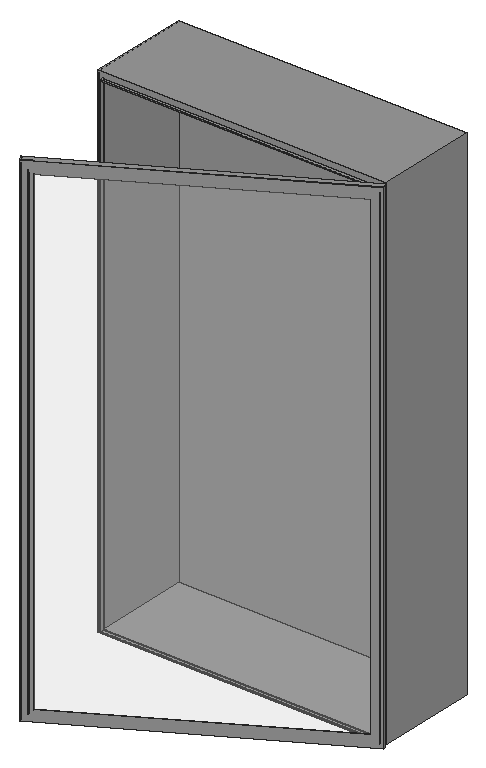
Revit family "Hager-Orion_Inox-IP66-D300-Cl.I-Inox_encl-630A-1400mm-NoHosted-CH-fr", category Equipement électrique, Revit 2020
Family settings
  Configuration du panneau = Deux colonnes, circuits au sein
  Cote de connecteur circulaire = Utiliser le diamètre
  Type d'élément = Tableau de raccordement
  Basée sur le plan de construction = Oui
  Toujours verticalement = Oui
  Couper avec des vides une fois chargée = Non
  Partagée = Non
  Point de calcul de pièce = Non
Parameters (values of type "saillie IP66 L800 H1400 P300  - FL049TWL")
  Width Control [instance] = if([EF000008 - largeur] > Min Width, [EF000008 - largeur], Min Width)  # 800 mm
  Commentaires du type = [HG000003 - Gamme]  # "Orion Inox"
  Thickness Door [instance] = if([EF009171 - épaisseur de matériau de la porte/du couvercle] > 3 mm, 3 mm, [EF009171 - épaisseur de matériau de la porte/du couvercle])  # 1.5 mm
  Seal Frame Offset [instance] = 17 mm  # constant formula
  Min Width [instance] = 100 mm  # constant formula
  Min Depth [instance] = (2 * [EF009170 - épaisseur de matériau du boîtier]) + 1 mm  # 4 mm
  Min Height [instance] = 100 mm  # constant formula
  Internal Frame Depth [instance] = -(Door System Depth * 0.5)  # -9 mm
  Panel Name [instance] = ""  # (empty or 0)
  Model = ""
  HG000027 - Hauteur du socle = 0 mm
  HG000026 - Installation au sol = no
  HG000024 - Hauteur de la section basse = 600 mm
  HG000023 - Armoire double section = no
  HG000016 - Visibilité de la porte 3D [instance] = yes
  HG000015 - Visibilité de l'emprise de la porte [instance] = no
  HG000014 - Porte à droite [instance] = yes
  HG000013 - Porte à gauche [instance] = not([HG000014 - Porte à droite])  # no
  HG000012 - Angle de pivotement de la porte [instance] = 30.00°
  HG000010 - Portes asymétriques = no
  HG000009 - Porte à double battant = no
  HG000006 - Encastré = no
  HG000004 - Référence fabricant = "FL049TWL"
  HG000003 - Gamme = "Orion Inox"
  HG000002 - avec porte = yes
  Frame Offset Bottom [instance] = 10 mm  # constant formula
  Frame Offset [instance] = 15 mm  # constant formula
  EF015940 - couvercle avec décharge de pression = no
  EF011959 - degré de protection (NEMA) = ""
  EF009554 - nombre d'ouvertures pour plaques à bride = 0
  EF009212 - finition du couvercle = "EV000116 - fermé"
  EF009171 - épaisseur de matériau de la porte/du couvercle = 1.5 mm
  EF009170 - épaisseur de matériau du boîtier = 1.5 mm
  EF008873 - courant nominal (In) = 630 A
  EF007800 - adapté à un parafoudre = no
  EF006306 - avec serrure = yes
  EF006244 - couvercle/porte transparent(e) = yes
  EF005474 - indice de protection (IP) = "EV006422 - IP66"
  EF004464 - type de porte = "EV002646 - unique"
  EF004427 - nombre de modules = 0
  EF004293 - indice de protection contre les chocs (IK) = "EV006814 - IK08"
  EF003532 - convient pour utilisation à l’extérieur = yes
  EF002950 - largeur en nombre de modules = 0
  EF001613 - maintien de fonction = "EV000494 - sans"
  EF001596 - matériau du boîtier/corps = "EV000166 - acier inoxydable"
  EF001131 - profondeur intérieure = 266 mm
  EF001088 - possibilité de montage en saillie = yes
  EF000437 - nombre d'entrées de conduit = 0
  EF000339 - type de capot = "EV004216 - porte"
  EF000266 - nombre de rangées = 0
  EF000218 - profondeur d'encastrement = 0 mm
  EF000118 - avec cadre/support de montage = no
  EF000116 - numéro RAL = ""
  EF000049 - profondeur = 300 mm
  EF000040 - hauteur = 1400 mm
  EF000008 - largeur = 800 mm
  EF000007 - couleur = "EV000154 - autre"
  EF000003 - mode de pose = "EV000384 - saillie"
  Door System Leaf Tolerance [instance] = 1.5 mm  # constant formula
  Door System Depth [instance] = 18 mm  # constant formula
  Description = ""
  Default Elevation = 1219.2 mm
  Connector Offset [instance] = Height Control / 2  # 700 mm
  Fabricant = "Hager"  # constant formula
  Height Control [instance] = if([EF000040 - hauteur] > Min Height, [EF000040 - hauteur], Min Height)  # 1400 mm
  Depth Control [instance] = if([EF000049 - profondeur] > Min Depth, [EF000049 - profondeur], Min Depth)  # 300 mm
Types (4, lengths in mm): name | HG000004 - Référence fabricant | EF006244 - couvercle/porte transparent(e) | EF004293 - indice de protection contre les chocs (IK)
  saillie IP66 L800 H1400 P300  - FL049BW | "FL049BW" | no | "EV008784 - IK10"
  saillie IP66 L800 H1400 P300  - FL049BWL | "FL049BWL" | no | "EV008784 - IK10"
  saillie IP66 L800 H1400 P300  - FL049TW | "FL049TW" | yes | "EV006814 - IK08"
  saillie IP66 L800 H1400 P300  - FL049TWL | "FL049TWL" | yes | "EV006814 - IK08"
Reference planes
  plane 1 "Center (Front/Back)": y = 0
  plane 2: z = 0
  plane 3 "Center (Left/Right)": x = 0
  plane 4: y = 0
  plane 5: y = 0
  plane 6: z = 0
  plane 7: x = -400
  plane 8: x = 400
  plane 9: x = 398.5
  plane 10: x = -398.5
  plane 11: z = 0
  plane 12: z = 1.5
  plane 13: y = -300
  plane 14: y = -1.5
  plane 15: x = 0
  plane 16: y = -282
  plane 17: y = -298.5
  plane 18: y = -280.5
  plane 19: x = -383.5
  plane 20: x = 383.5
  plane 21: z = 11.5
  plane 22: x = -383
  plane 23: x = 383
  plane 24: z = 0
  plane 25: z = 1400
  plane 26: z = 1400
  plane 27: z = 1383.5
  plane 28: z = 1398.5
Forms (mm)
  Extrusion 1, solid, material "Hager_Stainless_Steel", detail levels medium+fine
    sketch origin (-208.679, -4572, 0) x (-1, 0, 0) y (0, -1, 0)
      loop
        line (191.321, -4290) -> (-608.679, -4290) -> (-608.679, -4572) -> (191.321, -4572) -> (191.321, -4290)
    from 0 to 1400
  Extrusion 2, void
    sketch origin (-350.771, -300, 1219.2) x (1, 0, 0) y (0, 0, 1)
      loop
        line (-47.729, 179.3) -> (-47.729, -1217.7) -> (749.271, -1217.7) -> (749.271, 179.3) -> (-47.729, 179.3)
    from -19.5 to -298.5
  Extrusion 3, void
    sketch origin (-290.084, -282, 1219.2) x (1, 0, 0) y (0, 0, 1)
      loop
        line (-93.416, -1207.7) -> (673.584, -1207.7) -> (673.584, 164.3) -> (-93.416, 164.3) -> (-93.416, -1207.7)
    from 0 to -1.5
  Extrusion 4, solid, material "Hager_Stainless_Steel", detail levels fine
    sketch origin (-290.084, -282, 1219.2) x (-1, 0, 0) y (0, 0, 1)
      loop
        line (-673.584, -1207.7) -> (93.416, -1207.7) -> (93.416, 164.3) -> (-673.584, 164.3) -> (-673.584, -1207.7)
      loop
        line (-675.084, -1209.2) -> (94.916, -1209.2) -> (94.916, 165.8) -> (-675.084, 165.8) -> (-675.084, -1209.2)
    from 0 to -9 <- "Internal Frame Depth"
  Extrusion 5, solid, material "Hager_Stainless_Steel", detail levels coarse
    sketch origin (0, 0, 0) x (1, 0, 0) y (0, 1, 0)
      loop
        line (-400, 0) -> (-400, -300) -> (400, -300) -> (400, 0) -> (-400, 0)
    from 0 to 1400 <- "Height Control"
Cuts and joins
  Extrusion 2, Extrusion 3 cuts Extrusion 1
Lines and regions (mm)
  Masking region 1
    outline origin (0, 0, 0) x (1, 0, 0) y (0, 1, 0)
      loop
        line (-400, 0) -> (-400, -300) -> (400, -300) -> (400, 0) -> (-400, 0)
  Masking region 2
    outline origin (-290.084, -282, 1219.2) x (-1, 0, 0) y (0, 0, 1)
      loop
        line (-690.084, -1219.2) -> (109.916, -1219.2) -> (109.916, 180.8) -> (-690.084, 180.8) -> (-690.084, -1219.2)
  Masking region 3, detail levels coarse
    outline origin (0, 0, 0) x (0, 1, 0) y (0, 0, 1)
      loop
        line (0, 0) -> (0, 1400) -> (-300, 1400) -> (-300, 0) -> (0, 0)
  Masking region 4, detail levels medium+fine
    outline origin (0, 0, 594.038) x (0, 1, 0) y (0, 0, 1)
      loop
        line (0, -594.038) -> (0, 805.962) -> (-282, 805.962) -> (-282, -594.038) -> (0, -594.038)
Dimensions and locks
  locked: plane 1 "Center (Front/Back)" to plane 5
  "EF009170 - épaisseur de matériau du boîtier": plane 7 to plane 10
  "EF009170 - épaisseur de matériau du boîtier": plane 8 to plane 9
  equal spacing: plane 7, plane 3 "Center (Left/Right)", plane 8
  "Width Control": plane 7 to plane 8
  "Depth Control": plane 4 to plane 13
  "EF009170 - épaisseur de matériau du boîtier": plane 4 to plane 14
  "Height Control": plane 25 to level
  "EF009170 - épaisseur de matériau du boîtier": plane 12 to plane 11
  "EF009170 - épaisseur de matériau du boîtier": plane 17 to plane 13
  "EF009170 - épaisseur de matériau du boîtier": plane 18 to plane 16
  "Frame Offset Bottom": plane 21 to plane 12
  "Frame Offset": plane 10 to plane 19
  "Frame Offset": plane 9 to plane 20
  "Door System Depth": plane 16 to plane 13
  "Seal Frame Offset": plane 7 to plane 22
  "Seal Frame Offset": plane 8 to plane 23
  "EF009170 - épaisseur de matériau du boîtier": plane 26 to plane 28
  "Frame Offset": plane 28 to plane 27
  "Connector Offset": plane 2 to connector elem
  "Thickness Door": cut or joined group of Extrusion 1, Extrusion 2, Extrusion 3 to Extrusion 4 sketch curve
  "Thickness Door": Extrusion 4 sketch curve to plane 19
  "Thickness Door": Extrusion 4 sketch curve to plane 20
  "Thickness Door": Extrusion 4 sketch curve to plane 27
  aligned and locked: Extrusion 2 sketch curve to plane 12
  aligned and locked: Extrusion 2 sketch curve to plane 9
  aligned and locked: Extrusion 2 sketch curve to plane 10
  aligned and locked: Extrusion 2 to plane 14
  aligned and locked: Extrusion 1 sketch curve to plane 4
  aligned and locked: plane 8 to Extrusion 1 sketch curve
  aligned and locked: plane 7 to Extrusion 1 sketch curve
  aligned and locked: Extrusion 2 to plane 18
  aligned and locked: Extrusion 3 sketch curve to plane 19
  aligned and locked: plane 20 to Extrusion 3 sketch curve
  aligned and locked: Extrusion 3 to Extrusion 2
  aligned and locked: Extrusion 3 sketch curve to plane 21
  aligned and locked: plane 3 "Center (Left/Right)" to nested 1
  aligned and locked: Extrusion 1 sketch curve to plane 16
  aligned and locked: Masking region 1 sketch curve to plane 7
  aligned and locked: Masking region 1 sketch curve to plane 5
  aligned and locked: Masking region 1 sketch curve to plane 8
  aligned and locked: Masking region 2 sketch curve to level
  aligned and locked: level to Masking region 3 sketch curve
  aligned and locked: plane 1 "Center (Front/Back)" to Masking region 3 sketch curve
  aligned and locked: plane 13 to Masking region 3 sketch curve
  aligned and locked: Masking region 2 sketch curve to plane 8
  aligned and locked: Masking region 2 sketch curve to plane 7
  aligned and locked: plane 7 to nested 2
  aligned and locked: nested 2 to plane 5
  aligned and locked: plane 5 to Masking region 4 sketch curve
  aligned and locked: plane 26 to Masking region 4 sketch curve
  aligned and locked: Extrusion 5 sketch curve to plane 8
  aligned and locked: Extrusion 5 sketch curve to plane 7
  aligned and locked: Extrusion 5 sketch curve to plane 5
  aligned and locked: Extrusion 3 sketch curve to plane 27
  aligned and locked: Extrusion 2 sketch curve to plane 28
  aligned and locked: Extrusion 4 sketch curve to plane 27
  aligned and locked: Extrusion 4 sketch curve to plane 20
  aligned and locked: Extrusion 4 sketch curve to plane 21
  aligned and locked: Extrusion 4 sketch curve to plane 19
  aligned and locked: Masking region 2 to plane 25
  aligned and locked: Masking region 4 sketch curve to plane 24
  aligned and locked: Masking region 1 to plane 13
  aligned and locked: nested 1 to plane 16
  aligned and locked: Masking region 3 to plane 25
  aligned and locked: Masking region 4 sketch curve to plane 16
  aligned and locked: plane 24 to plane 11
  aligned and locked: plane 26 to plane 25
  aligned and locked: level to plane 24
  aligned and locked: Extrusion 1 to Masking region 3
  aligned and locked: level to nested 1
Automatic sketch dimensions
  Extrusion 5 sketch curve to plane 13 = 0 mm
  plane 27 to Masking region 2 sketch curve = 16.5 mm
  plane 27 to Masking region 3 sketch curve = 16.5 mm
  Masking region 1 sketch curve to plane 13 = 0 mm
  Extrusion 3 sketch curve to plane 21 = 0 mm
  plane 19 to Extrusion 3 sketch curve = 0 mm
  Extrusion 3 sketch curve to plane 20 = 0 mm
Nested families
  nested 1: "EC000058_OrionInox_Door" at (0, -282, 0), Double <- "HG000009 - Porte à double battant", Transparent <- "EF006244 - couvercle/porte transparent(e)", Angle <- "HG000012 - Angle de pivotement de la porte", Door_Right <- "HG000014 - Porte à droite", Assymetrical <- "HG000010 - Portes asymétriques", Door <- "HG000002 - avec porte", Width_Ctrl <- "Width Control", 3d_Door <- "HG000016 - Visibilité de la porte 3D", Clearance <- "HG000015 - Visibilité de l'emprise de la porte", Door_Left <- "HG000013 - Porte à gauche", Width <- "Width Control", Door_Depth <- "Door System Depth", Leaf_Tolerance <- "Door System Leaf Tolerance", Height <- "Height Control", Thickness <- "Thickness Door", type "EC000058_OrionInox_Door", detail levels medium+fine
    with min_wh 4 mm, Width_Ctrl 800 mm, Width 800 mm, Transparent yes, Thickness 1.5 mm, Seal_Material Hager_Rubber, Leaf_Width 800 mm, Leaf_Tolerance_External_Sides 0 mm, Leaf_Tolerance 1.5 mm, Leaf_Offset 0 mm, Leaf_Height 1397 mm, Leaf_2_Width 800 mm, Leaf_2_Offset 400 mm, Leaf_1_Width 800 mm, Leaf_1_Offset 400 mm, Height_Ctrl 1400 mm, Height 1400 mm, Glass_Material Hager_Glass, Double_Clearance_Ctrl no, Double no, Door_Right_Ctrl yes, Door_Right yes, Door_Material Hager_Stainless_Steel, Door_Left_Ctrl no, Door_Left no, Door_Depth 18 mm, Door yes, Clearance_Material Hager_Clearance, Clearance_Depth 800 mm, Clearance_Ctrl no, Clearance no, Assymetrical no, Angle 30.00°, 3d_Door yes
  nested 2: "Hager_Enclosure_Symbol" at (-400, 0, 0), Height <- "Depth Control", Width <- "Width Control", type "Hager_Enclosure_Symbol"
    with Width_Ctrl 800 mm, Width 800 mm, Height_Ctrl 300 mm, Height 300 mm, A_Width_Int 19.688 mm, A_Width 236.25 mm, A_Height_Ctrl 262.5 mm, A_Height 262.5 mm
Connectors
  electrical at (0, 0, 700)
    settings: on plane 1 "Center (Front/Back)", index 1, voltage 0 V, apparent load 0 VA, apparent load phase1 0 VA, apparent load phase2 0 VA, apparent load phase3 0 VA, power factor 1, load classification "Other", number of poles 1, system type 30, power factor state 1, is connector primary yes, connector utility no, sub classification motor no, connector description ""
Definition of nested family "EC000058_OrionInox_Door"
  Parameters (values of type "EC000058_OrionInox_Door")
    min_wh [instance] = (2 * Thickness) + 1 mm  # 11 mm
    Width_Ctrl [instance] = 400 mm
    Width [instance] = 500 mm
    Transparent [instance] = yes
    Thickness [instance] = 5 mm
    Seal_Material [instance] = none
    Leaf_Width [instance] = if((Width_Ctrl - 2 * Leaf_Tolerance_External_Sides) > 0 mm, (Width_Ctrl - 2 * Leaf_Tolerance_External_Sides), min_wh)  # 400 mm
    Leaf_Tolerance_External_Sides [instance] = 0 mm  # constant formula
    Leaf_Tolerance [instance] = 1.5 mm
    Leaf_Offset [instance] = 0 mm  # constant formula
    Leaf_Height [instance] = if((Height_Ctrl - 2 * Leaf_Tolerance) > 0 mm, (Height_Ctrl - 2 * Leaf_Tolerance), min_wh)  # 497 mm
    Leaf_2_Width [instance] = if(and(and(Double, Assymetrical), Door_Left), (Leaf_Width / 3) - (Leaf_Tolerance / 2), if(and(and(Double, Assymetrical), Door_Right), (Leaf_Width / 3) * 2 - (Leaf_Tolerance / 2), if(and(Double, not(Assymetrical)), (Leaf_Width / 2) - Leaf_Tolerance, Leaf_Width)))  # 400 mm
    Leaf_2_Offset [instance] = if(and(Double, Assymetrical), Leaf_2_Width / 2, if(and(Double, not(Assymetrical)), Leaf_Width / 4, Leaf_Width / 2))  # 200 mm
    Leaf_1_Width [instance] = if(and(and(Double, Assymetrical), Door_Right), (Leaf_Width / 3) - (Leaf_Tolerance / 2), if(and(and(Double, Assymetrical), Door_Left), (Width / 3) * 2 - (Leaf_Tolerance / 2), if(and(Double, not(Assymetrical)), (Leaf_Width / 2) - Leaf_Tolerance, Leaf_Width)))  # 400 mm
    Leaf_1_Offset [instance] = if(and(Double, Assymetrical), Leaf_1_Width / 2, if(and(Double, not(Assymetrical)), Leaf_Width / 4, Leaf_Width / 2))  # 200 mm
    Height_Ctrl [instance] = if(Height > min_wh, Height, min_wh)  # 500 mm
    Height [instance] = 500 mm
    Glass_Material [instance] = none
    Double_Clearance_Ctrl [instance] = and(Double, Clearance)  # no
    Double [instance] = no
    Door_Right_Ctrl [instance] = and(or(Door_Right, Double), Door)  # yes
    Door_Right [instance] = yes
    Door_Material [instance] = none
    Door_Left_Ctrl [instance] = and(or(Door_Left, Double), Door)  # no
    Door_Left [instance] = no
    Door_Depth [instance] = 30 mm
    Door [instance] = yes
    Default Elevation = 1219.2 mm
    Clearance_Material [instance] = none
    Clearance_Depth [instance] = if(Leaf_1_Width > Leaf_2_Width, Leaf_1_Width, Leaf_2_Width)  # 400 mm
    Clearance_Ctrl [instance] = and(not(Double), Clearance)  # yes
    Clearance [instance] = yes
    Assymetrical [instance] = yes
    Angle [instance] = 30.00°
    3d_Door [instance] = yes
  Reference planes
    plane 1 "Center (Front/Back)": y = 0
    plane 2 "Bottom": z = 0
    plane 3 "Center (Left/Right)": x = 0
    plane 4: z = 500
    plane 5: x = -200
    plane 6: x = 200
    plane 7: z = 500
    plane 8: x = -200
    plane 9: z = 0
    plane 10: x = 200
    plane 11: y = 0
    plane 12: z = 1.5
    plane 13: x = -600
    plane 14: y = -400
    plane 15: x = 600
    plane 16: x = 0
    plane 17: x = 0
    plane 18: x = -200
    plane 19: x = 200
    plane 20: z = 498.5
  Forms (mm)
    Extrusion 1, solid, material <- "Clearance_Material", visible <- "Double_Clearance_Ctrl"
      sketch origin (1200, 0, 0) x (1, 0, 0) y (0, 0, -1)
        loop
          line (-1800, -498.5) -> (-600, -498.5) -> (-600, 0) -> (-1800, 0) -> (-1800, -498.5)
      from 0 to -400
  Dimensions and locks
    equal spacing: plane 5, plane 3 "Center (Left/Right)", plane 6
    "Width_Ctrl": plane 5 to plane 6
    "Leaf_Offset": plane 5 to plane 8
    "Leaf_Offset": plane 6 to plane 10
    "Leaf_Offset": plane 9 to level
    "Leaf_Offset": plane 4 to plane 7
    "Height_Ctrl": plane 4 to level
    "Leaf_Tolerance": plane 12 to plane 9
    locked: plane 11 to plane 1 "Center (Front/Back)"
    "Leaf_1_Offset": plane 18 to plane 16
    "Leaf_2_Offset": plane 17 to plane 19
    "Leaf_1_Width": plane 13 to plane 8
    "Leaf_2_Width": plane 10 to plane 15
    "Clearance_Depth": plane 14 to plane 1 "Center (Front/Back)"
    "Leaf_Tolerance_External_Sides": plane 8 to plane 18
    "Leaf_Tolerance_External_Sides": plane 19 to plane 10
    "Leaf_Tolerance": plane 7 to plane 20
    aligned and locked: level to plane 2 "Bottom"
    aligned and locked: nested 1 to plane 16
    aligned and locked: nested 2 to plane 17
    aligned and locked: Extrusion 1 to plane 13
    aligned and locked: plane 15 to Extrusion 1
    aligned and locked: Extrusion 1 to plane 14
    aligned and locked: plane 12 to nested 1
    aligned and locked: nested 2 to plane 12
    aligned and locked: Extrusion 1 to plane 11
    aligned and locked: plane 20 to Extrusion 1
    aligned and locked: nested 2 to plane 11
    aligned and locked: nested 1 to plane 11
  Automatic sketch dimensions
    Extrusion 1 sketch curve to level = 0 mm
    plane 5 to Extrusion 1 sketch curve = 400 mm
    plane 6 to Extrusion 1 sketch curve = 400 mm
    Extrusion 1 sketch curve to plane 4 = 1.5 mm
  Nested families
    nested 1: "EC000058_OrionInox_Door_Leaf" at (0, 0, 1.5), Width <- "Leaf_1_Width", visible <- "Door_Left_Ctrl", Leaf_Height <- "Leaf_Height", Angle <- "Angle", 3d_Door <- "3d_Door", Transparent <- "Transparent", Clearance Material <- "Clearance_Material", Clearance <- "Clearance_Ctrl", Door_Material <- "Door_Material", Glass_Material <- "Glass_Material", Door_Depth <- "Door_Depth", Seal_Material <- "Seal_Material", Thickness <- "Thickness", type "EC000058_OrionInox_Door_Leaf"
      with Width 400 mm, Transparent_Ctrl yes, Transparent yes, Thickness 5 mm, Standard no, Seal_Material none, Seal_D2 8 mm, Seal_D1 1 mm, Offset_Internal_Frame 10 mm, Lock_Width 28 mm, Lock_Thickness 2 mm, Lock_Radius 6 mm, Leaf_Height 497 mm, Internal_Seal_Thickness 8 mm, Internal_Seal_Depth_2 4.5 mm, Internal_Frame_Depth 25 mm, Glass_Thickness -1 mm, Glass_Offset -2 mm, Glass_Material none, Door_Material none, Door_Depth 30 mm, Clearance Material none, Clearance yes, Angle_Ctrl 30.00°, Angle 30.00°, 3d_Door yes
    nested 2: "EC000058_OrionInox_Door_Leaf" at (0, 0, 1.5) x (-1, 0, 0) z (0, 0, 1), Width <- "Leaf_2_Width", visible <- "Door_Right_Ctrl", Leaf_Height <- "Leaf_Height", Angle <- "Angle", 3d_Door <- "3d_Door", Transparent <- "Transparent", Clearance Material <- "Clearance_Material", Clearance <- "Clearance_Ctrl", Door_Material <- "Door_Material", Glass_Material <- "Glass_Material", Door_Depth <- "Door_Depth", Seal_Material <- "Seal_Material", Thickness <- "Thickness", type "EC000058_OrionInox_Door_Leaf"
      with Width 400 mm, Transparent_Ctrl yes, Transparent yes, Thickness 5 mm, Standard no, Seal_Material none, Seal_D2 8 mm, Seal_D1 1 mm, Offset_Internal_Frame 10 mm, Lock_Width 28 mm, Lock_Thickness 2 mm, Lock_Radius 6 mm, Leaf_Height 497 mm, Internal_Seal_Thickness 8 mm, Internal_Seal_Depth_2 4.5 mm, Internal_Frame_Depth 25 mm, Glass_Thickness -1 mm, Glass_Offset -2 mm, Glass_Material none, Door_Material none, Door_Depth 30 mm, Clearance Material none, Clearance yes, Angle_Ctrl 30.00°, Angle 30.00°, 3d_Door yes
  Definition of nested family "EC000058_OrionInox_Door_Leaf"
    Parameters (values of type "EC000058_OrionInox_Door_Leaf")
      Width [instance] = 450 mm
      Transparent_Ctrl [instance] = and(Transparent, [3d_Door])  # yes
      Transparent [instance] = yes
      Thickness [instance] = 5 mm
      Standard [instance] = and(not(Transparent), [3d_Door])  # no
      Seal_Material [instance] = none
      Seal_D2 [instance] = 8 mm  # constant formula
      Seal_D1 [instance] = 1 mm  # constant formula
      Offset_Internal_Frame [instance] = 10 mm  # constant formula
      Lock_Width [instance] = Door_Depth - Lock_Thickness  # 28 mm
      Lock_Thickness [instance] = 2 mm  # constant formula
      Lock_Radius [instance] = 6 mm  # constant formula
      Leaf_Height [instance] = 450 mm
      Internal_Seal_Thickness [instance] = 8 mm  # constant formula
      Internal_Seal_Depth_2 [instance] = 4.5 mm  # constant formula
      Internal_Frame_Depth [instance] = if(Door_Depth - Thickness > 5 mm, Door_Depth - Thickness, 5 mm)  # 25 mm
      Glass_Thickness [instance] = if(Thickness > 15 mm, Glass_Offset + 10 mm, -1 mm)  # -1 mm
      Glass_Offset [instance] = if(Thickness > 15 mm, -(Thickness + 10 mm) / 2, -2 mm)  # -2 mm
      Glass_Material [instance] = none
      Door_Material [instance] = none
      Door_Depth [instance] = 30 mm
      Default Elevation = 0 mm
      Clearance Material [instance] = none
      Clearance [instance] = yes
      Angle_Ctrl [instance] = if(Angle > 180.00°, 180.00°, Angle)  # 90.00°
      Angle [instance] = 90.00°
      3d_Door [instance] = yes
    Reference planes
      plane 1 "Center (Front/Back)": y = 0
      plane 2: z = 0
      plane 3 "Center (Left/Right)": x = 0
      plane 4: y = 450
      plane 5: x = -225
      plane 6: x = 225
      plane 7: x = -675
      plane 8: z = 450
      plane 9: z = 30
      plane 10: z = 420
      plane 11: x = 195
      plane 12: x = -195
      plane 13: y = -3
      plane 14: z = 107.833
      plane 15: y = -5
      plane 16: y = -223.314
      plane 17: x = -225
      plane 18: y = 30
    Forms (mm)
      Extrusion 1, solid, material <- "Clearance Material", visible <- "Clearance"
        sketch origin (0, 0, 0) x (1, 0, 0) y (0, 0, 1)
          loop
            line (-675, 450) -> (-675, 0) -> (225, 0) -> (225, 450) -> (-675, 450)
        from 0 to -450
      Extrusion 2, solid, material <- "Door_Material", visible <- "Standard", detail levels medium+fine
        sketch origin (-225, 0, 0) x (0, 1, 0) y (-1, 0, 0)
          loop
            line (0, 30) -> (0, 25) -> (450, 25) -> (450, 30) -> (0, 30)
        from 0 to 450 <- "Leaf_Height"
      Extrusion 3, solid, material <- "Door_Material", visible <- "Transparent_Ctrl", detail levels medium+fine
        sketch origin (-225, 0, 0) x (0, 1, 0) y (-1, 0, 0)
          loop
            line (0, 25) -> (450, 25) -> (450, 30) -> (0, 30) -> (0, 25)
        from 0 to 450 <- "Leaf_Height"
      Extrusion 4, void
        sketch origin (-250, 450, 0) x (0, 1, 0) y (0, 0, -1)
          loop
            line (-30, -420) -> (-30, -30) -> (-420, -30) -> (-420, -420) -> (-30, -420)
        from 0 to 5 <- "Thickness"
      Sweep 5, solid, material <- "Seal_Material", visible <- "Transparent_Ctrl", detail levels fine
        path in 3D
          loop
            line (-250, 30, 30) -> (-250, 30, 420) -> (-250, 420, 420) -> (-250, 420, 30) -> (-250, 30, 30)
        profile origin (-250, 225, 30) x (1, 0, 0) y (0, 0, 1)
          loop
            line (0, 0) -> (0, -8) -> (1, -8) -> (1, 0) -> (0, 0)
      Extrusion 6, solid, material <- "Glass_Material", visible <- "Transparent_Ctrl", detail levels medium+fine
        sketch origin (-255, 0, 0) x (0, 1, 0) y (0, 0, -1)
          loop
            line (420, -420) -> (420, -30) -> (30, -30) -> (30, -420) -> (420, -420)
        from -2 <- "Glass_Offset" to -1 <- "Glass_Thickness"
      Extrusion 7, solid, material <- "Door_Material", visible <- "3d_Door", detail levels medium+fine
        sketch origin (-250, 450, 0) x (0, -1, 0) y (0, 0, -1)
          loop
            line (0, -450) -> (450, -450) -> (450, 0) -> (0, 0) -> (0, -450)
          loop
            line (445, -5) -> (5, -5) -> (5, -445) -> (445, -445) -> (445, -5)
        from 0 to 25 <- "Internal_Frame_Depth"
      Sweep 8, solid, material <- "Seal_Material", visible <- "Transparent_Ctrl", detail levels fine
        path in 3D
          loop
            line (-250, 0, 0) -> (-250, 450, 0) -> (-250, 450, 450) -> (-250, 0, 450) -> (-250, 0, 0)
        profile origin (-250, 0, 225) x (1, 0, 0) y (0, 1, 0)
          loop
            line (0, 10) -> (2.975, 10)
            arc (2.975, 10) -> (4.053, 10.447) -> (4.5, 11.525) r 1.525
            line (4.5, 11.525) -> (4.5, 16.527)
            arc (4.5, 16.527) -> (4.069, 17.569) -> (3.027, 18) r 1.473
            line (3.027, 18) -> (0, 18) -> (0, 10)
    Cuts and joins
      Extrusion 4 cuts Extrusion 3
    Lines and regions (mm)
      Masking region 1, detail levels medium+fine
        outline origin (0, 0, 0) x (0, 1, 0) y (0, 0, 1)
          loop
            line (0, 0) -> (30, 0) -> (30, 450) -> (0, 450) -> (0, 0)
      Masking region 2, detail levels medium+fine
        outline origin (0, 0, 0) x (1, 0, 0) y (0, 0, 1)
          loop
            line (-225, 450) -> (-225, 0) -> (225, 0) -> (225, 450) -> (-225, 450)
      symbolic lines
        curve 1: line (225, 0, 0) -> (-675, 0, 0)
        curve 2: arc (225, 0, 0) -> (-225, 450, 0) -> (-675, 0, 0) r 450
        curve 4: line (-255, 0, 0) -> (-255, 450, 0)
      reference lines
        curve 3: line (-225, 0, 0) -> (-225, 450, 0)
      symbolic lines, detail levels medium+fine
        curve 5: line (-255, 450, 0) -> (-250, 450, 0)
        curve 7: line (-250, 0, 0) -> (-255, 0, 0)
        curve 8: line (-250, 0, 0) -> (-225, 0, 0)
        curve 9: line (-225, 0, 0) -> (-225, 450, 0)
        curve 10: line (-225, 450, 0) -> (-250, 450, 0)
      symbolic lines, detail levels fine
        curve 6: line (-250, 450, 0) -> (-250, 0, 0)
      sketch lines
        curve 11: line (-250, 0, 450) -> (-250, 0, 0)
        curve 12: line (-250, 450, 0) -> (-250, 0, 0)
        curve 13: line (-250, 450, 450) -> (-250, 450, 0)
        curve 14: line (-250, 0, 450) -> (-250, 450, 450)
        curve 15: line (-250, 420, 30) -> (-250, 30, 30)
        curve 16: line (-250, 30, 30) -> (-250, 30, 420)
        curve 17: line (-250, 420, 420) -> (-250, 420, 30)
        curve 18: line (-250, 30, 420) -> (-250, 420, 420)
      symbolic lines, visible <- "Transparent", detail levels medium+fine
        curve 19: line (-195, 0, 420) -> (195, 0, 420)
        curve 20: line (-195, 0, 30) -> (-195, 0, 420)
        curve 21: line (195, 0, 30) -> (-195, 0, 30)
        curve 22: line (195, 0, 420) -> (195, 0, 30)
    Dimensions and locks
      "Width": plane 1 "Center (Front/Back)" to plane 4
      equal spacing: plane 5, plane 3 "Center (Left/Right)", plane 6
      "Width": plane 5 to plane 6
      "Width": plane 7 to plane 5
      "Leaf_Height": plane 8 to level
      "Width": curve 5 to curve 3
      "Width": curve 3 to curve 3
      plane 8 to plane 10 = 30 mm
      plane 9 to level = 30 mm
      plane 12 to plane 5 = 30 mm
      plane 6 to plane 11 = 30 mm
      Extrusion 4 sketch curve to Extrusion 3 = 30 mm
      Extrusion 3 to Extrusion 4 sketch curve = 30 mm
      Extrusion 1 to Extrusion 4 sketch curve = 30 mm
      curve 3 to Extrusion 4 sketch curve = 30 mm
      Extrusion 4 sketch curve to cut or joined group of Extrusion 3, Extrusion 4 = 30 mm
      cut or joined group of Extrusion 3, Extrusion 4 to Extrusion 6 sketch curve = 30 mm
      cut or joined group of Extrusion 3, Extrusion 4 to Extrusion 4 sketch curve = 30 mm
      "Thickness": curve 6 to curve 4
      "Thickness": Extrusion 7 sketch curve to Extrusion 7 sketch curve  (x4)
      "Door_Depth": curve 4 to curve 3
      "Offset_Internal_Frame": profile plane to Sweep 8 sketch curve
      "Internal_Seal_Thickness": Sweep 8 sketch curve to Sweep 8 sketch curve
      "Internal_Seal_Depth_2": profile plane to Sweep 8 sketch curve
      "Seal_D1": profile plane to Sweep 5 sketch curve
      "Seal_D2": profile plane to Sweep 5 sketch curve
      "Thickness": Extrusion 2 sketch curve to Extrusion 2 sketch curve
      "Door_Depth": plane 18 to plane 1 "Center (Front/Back)"
      radius of Sweep 8 sketch curve = 1.525 mm
      radius of Sweep 8 sketch curve = 1.473 mm
      "Angle_Ctrl": angle plane 1 "Center (Front/Back)" to curve 3
      aligned and locked: level to plane 2
      aligned and locked: Extrusion 1 to curve 1
      aligned and locked: plane 6 to Extrusion 1
      aligned and locked: plane 1 "Center (Front/Back)" to Extrusion 1
      aligned and locked: plane 4 to Extrusion 1
      aligned and locked: plane 8 to Extrusion 1
      aligned and locked: curve 7 to Extrusion 2 sketch curve
      aligned and locked: curve 5 to Extrusion 2 sketch curve
      aligned and locked: curve 7 to Extrusion 3 sketch curve
      aligned and locked: Extrusion 3 sketch curve to curve 4
      aligned and locked: Extrusion 3 sketch curve to curve 6
      aligned and locked: Extrusion 3 sketch curve to curve 5
      aligned and locked: curve 9 to curve 3
      aligned and locked: Extrusion 7 sketch curve to cut or joined group of Extrusion 3, Extrusion 4  (x4)
      aligned and locked: plane 17 to curve 3
      aligned and locked: plane 1 "Center (Front/Back)" to curve 3
      aligned and locked: plane 17 to plane 5
      aligned and locked: Sweep 8 sketch curve to profile plane
      aligned and locked: Sweep 5 sketch curve to profile plane  (x2)
      aligned and locked: plane 1 "Center (Front/Back)" to Masking region 1 sketch curve
      aligned and locked: plane 18 to Masking region 1 sketch curve
      aligned and locked: level to Masking region 1 sketch curve
      aligned and locked: Masking region 1 sketch curve to plane 8
      aligned and locked: plane 17 to Masking region 2 sketch curve
      aligned and locked: level to Masking region 2 sketch curve
      aligned and locked: Masking region 2 sketch curve to plane 8
      aligned and locked: plane 12 to curve 20
      aligned and locked: plane 10 to curve 19
      aligned and locked: plane 11 to curve 22
      aligned and locked: plane 9 to curve 21
      aligned and locked: Extrusion 2 sketch curve to cut or joined group of Extrusion 3, Extrusion 4
    Automatic sketch dimensions
      plane 1 "Center (Front/Back)" to curve 2 = 0 mm
      curve 2 to plane 5 = 0 mm
      Extrusion 1 sketch curve to level = 0 mm
      Extrusion 1 sketch curve to plane 7 = 0 mm
      Extrusion 1 sketch curve to plane 6 = 0 mm
      Extrusion 1 sketch curve to plane 8 = 0 mm
      Extrusion 3 to Extrusion 6 sketch curve = 30 mm  (x4)
      Masking region 2 sketch curve to plane 6 = 0 mm
      curve 4 to curve 3 = 0 mm
Definition of nested family "Hager_Enclosure_Symbol"
  Parameters (values of type "Hager_Enclosure_Symbol")
    Width_Ctrl [instance] = if(Width > 1 mm, Width, 1 mm)  # 102.27 mm
    Width [instance] = 102.27 mm
    Height_Ctrl [instance] = if(Height > 1 mm, Height, 1 mm)  # 66.5 mm
    A_Width_Int [instance] = if(A_Width / 12 > 2 mm, A_Width / 12, 2 mm)  # 4.364 mm
    A_Width [instance] = if(A_Height_Ctrl * 0.9 > 2 mm, A_Height_Ctrl * 0.9, 2 mm)  # 52.369 mm
    A_Height_Ctrl [instance] = if(A_Height > 2 mm, A_Height, 2 mm)  # 58.188 mm
    Height [instance] = 66.5 mm
    A_Height [instance] = Height - (Height / 8)  # 58.188 mm
  Reference planes
    plane 1 "Centre (avant/arrière)": y = 0
    plane 2: z = 0
    plane 3 "Centre (gauche/droite)": x = 0
    plane 4: x = 52.369
    plane 5: y = 33.042
    plane 6: y = 41.77
    plane 7: y = 66.5
    plane 8: x = 26.184
    plane 9: y = 37.406
    plane 10: x = 102.27
    plane 11: y = 66.5
    plane 12: y = 8.313
  Lines and regions (mm)
    Filled region 1, type "Solid_Black", in view "Niveau de réf."
      outline origin (0, 0, 0) x (1, 0, 0) y (0, 1, 0)
        loop
          line (52.369, 66.5) -> (33.188, 54.536) -> (45.365, 45.006) -> (52.369, 66.5)
    Filled region 2, type "Solid_Black", in view "Niveau de réf."
      outline origin (0, 0, 0) x (1, 0, 0) y (0, 1, 0)
        loop
          line (0, 0) -> (102.27, 0) -> (102.27, 66.5) -> (0, 0)
    detail lines, in view "Niveau de réf."
      curve 1: line (0, 8.313, 0) -> (26.184, 41.77, 0)
      curve 2: line (26.184, 41.77, 0) -> (26.184, 33.042, 0)
      curve 3: line (26.184, 33.042, 0) -> (52.369, 66.5, 0)
  Dimensions and locks
    "A_Width": plane 3 "Centre (gauche/droite)" to plane 4
    equal spacing: plane 3 "Centre (gauche/droite)", plane 8, plane 4
    equal spacing: plane 6, plane 9, plane 5
    equal spacing: curve 3, Filled region 1 sketch curve, Filled region 1 sketch curve
    "Height_Ctrl": plane 1 "Centre (avant/arrière)" to plane 11
    "A_Height_Ctrl": plane 11 to plane 12
    equal spacing: plane 11, plane 9, plane 12
    "A_Width_Int": plane 6 to plane 9
    "Width_Ctrl": plane 3 "Centre (gauche/droite)" to plane 10
    angle Filled region 1 sketch curve to curve 3 = 20.00°
    angle curve 3 to Filled region 1 sketch curve = 20.00°
    locked: curve 3 to Filled region 1 sketch curve (angle 90.00°)
    aligned and locked: plane 10 to Filled region 2
    aligned and locked: plane 11 to Filled region 2 sketch curve
    aligned and locked: plane 10 to Filled region 2 sketch curve
    aligned and locked: plane 3 "Centre (gauche/droite)" to curve 1
    aligned and locked: plane 12 to curve 1
    aligned and locked: plane 7 to plane 11
  Automatic sketch dimensions
    Filled region 1 sketch curve to plane 4 = 0 mm
    Filled region 1 sketch curve to plane 7 = 0 mm
    plane 1 "Centre (avant/arrière)" to Filled region 2 sketch curve = 0 mm
    Filled region 2 sketch curve to plane 3 "Centre (gauche/droite)" = 0 mm
    curve 2 to plane 6 = 0 mm
    curve 2 to plane 8 = 0 mm
    curve 3 to plane 4 = 0 mm
    curve 2 to plane 5 = 0 mm
    curve 3 to plane 7 = 0 mm
